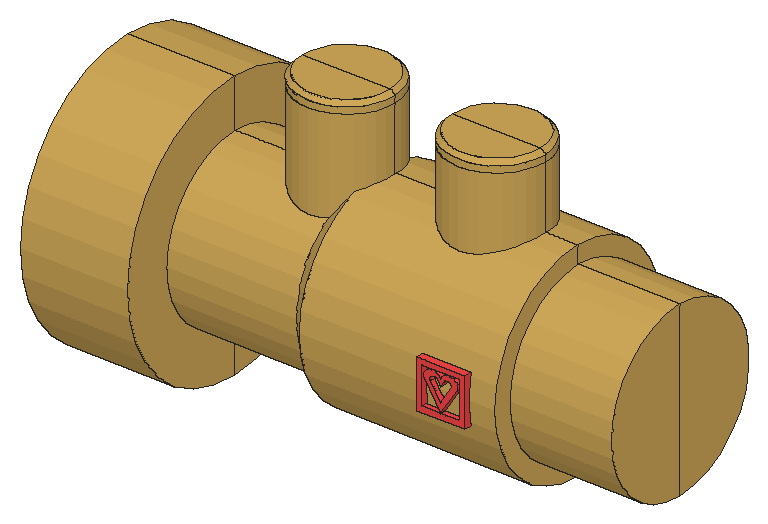
Revit family "HERZ Backflow Preventer 2623", category Rohrzubehör, Revit 2019
Family settings
  Bemaßung runder Anschluss = Durchmesser verwenden
  Teiletyp = Unterbricht
  OmniClass-Nummer = 23.65.55.14
  OmniClass-Titel = Valves for Liquid Services
  Arbeitsebenenbasiert = Nein
  Immer vertikal = Ja
  Beim Laden mit Abzugskörper schneiden = Nein
  Gemeinsam genutzt = Nein
Parameters
  Part number [instance] = size_lookup("2623_", "Artnr", 0, Nennweite)  # 1262304
  Note = "Pursuant to Article 33 of the REACH Regulation (EC No. 1907/2006), we are obliged to point out that the material lead is listed on the SVHC list and that all brass components manufactured in our products exceed 0.1% (w / w) lead (CAS: 7439-92-1 / EINECS: 231-100-4).\r\nSince lead is a component part of an alloy, actual exposure is not possible and therefore no additional information on safe use is necessary."
  Min. operating temperature (water) = 0.5 °C  # constant formula
  Min. operating temperature = -10 °C  # constant formula
  Max. operating temperature = 95 °C  # constant formula
  Max. operating pressure = 1600000.0 Pa  # constant formula
  W01 = 45.00°  # constant formula
  URL = "www.herzvalves.com"
  Plugs = "brass"  # constant formula
  SC_NennweiteBerechnet = 0
  SC_Dimension = ""
  SCTWSEQ = "FW;SBT_TYP_FW=\"108\";2"
  SCTWCODE = "04;14;02"  # constant formula
  S03 = 10.00 mm  # constant formula
  S02 [instance] = L00 / 2  # 44.00 mm
  S01 [instance] = (L00 / 2) + L07 - L06  # 59.00 mm
  Check valve = "POM (body), NBR (O-Ring), stainless steel AISI 302 (spring)"  # constant formula
  R01 = 9.00 mm  # constant formula
  Nennweite [instance] = 32.00 mm
  Medium = "clear liquids"  # constant formula
  LO1 [instance] = if(Nennweite = 20.00 mm, 18.00 mm, if(Nennweite = 25.00 mm, 18.00 mm, if(Nennweite = 32.00 mm, 24.00 mm, 1.00 mm)))  # 24.00 mm
  L07 [instance] = size_lookup("2623_", "L7", 1.00 mm, Nennweite)  # 20.00 mm
  L06 [instance] = size_lookup("2623_", "L6", 1.00 mm, Nennweite)  # 5.00 mm
  L05 [instance] = size_lookup("2623_", "L5", 1.00 mm, Nennweite) + L04  # 53.90 mm
  L04 [instance] = size_lookup("2623_", "L4", 1.00 mm, Nennweite)  # 25.90 mm
  L03 [instance] = size_lookup("2623_", "L3", 1.00 mm, Nennweite)  # 19.00 mm
  L02 [instance] = size_lookup("2623_", "L2", 1.00 mm, Nennweite)  # 32.50 mm
  L01 [instance] = size_lookup("2623_", "L1", 1.00 mm, Nennweite)  # 2.50 mm
  L00 [instance] = size_lookup("2623_", "L", 1.00 mm, Nennweite)  # 88.00 mm
  Female thread = "acc. to ISO 228"  # constant formula
  IG [instance] = Nennweite / 2  # 16.00 mm
  Hersteller = "HERZ Armaturen Ges.m.b.H."  # constant formula
  H02 = 2.00 mm  # constant formula
  H01 [instance] = size_lookup("2623_", "H1", 1.00 mm, Nennweite)  # 31.00 mm
  GT [instance] = size_lookup("2623_", "GT", 1.00 mm, Nennweite)  # 12.00 mm
  End fitting = "forged brass"  # constant formula
  Sealing = "EPDM"  # constant formula
  D04 [instance] = size_lookup("2623_", "D4", 1.00 mm, Nennweite)  # 25.00 mm
  D03 [instance] = size_lookup("2623_", "D3", 1.00 mm, Nennweite)  # 19.30 mm
  D02 [instance] = size_lookup("2623_", "D2", 1.00 mm, Nennweite)  # 16.00 mm
  D01 [instance] = size_lookup("2623_", "D1", 1.00 mm, Nennweite)  # 18.90 mm
  Body = "forged brass according to EN 12420"  # constant formula
  Male thread = "acc. to ISO 228"  # constant formula
  Application = "The check valve is suitable for central heating systems to prevent backflow.\r\nThis product can be used, in general, with different media, but liquids must be clear.\r\nThe valve can be used in any position.\r\nThe flow direction is indicated by an arrow on the body.\r\nThe check valve is spring-loaded by means of an axial guide and can be operated both at low and at high pressures.\r\nTwo bores 1/4“ plugs are fitted for measuring purposes."
  AG [instance] = Nennweite / 2  # 16.00 mm
Reference planes
  plane 1 "Mitte (Vorne/hinten)": y = 0
  plane 2: z = 0
  plane 3 "Mitte (Links/rechts)": x = 0
Forms (mm)
  Revolve 1, solid, material "Messing, weicher Gelbton, geschweißt", detail levels fine
    sketch origin (0, 0, 0) x (1, 0, 0) y (0, 0, 1)
      loop
        line (-44, 0) -> (44, 0) -> (44, 16) -> (25, 16) -> (25, 19.3) -> (-11.5, 19.3) -> (-14.8, 16) -> (-41.5, 16) -> (-41.5, 18.9) -> (-44, 18.9) -> (-44, 0)
      axis (-44, 0) -> (44, 0)
    angle from 0 to 360
  Revolve 2, solid, material "Messing, weicher Gelbton, geschweißt", detail levels fine
    sketch origin (0, 0, 0) x (1, 0, 0) y (0, 0, 1)
      loop
        line (-18.1, 0) -> (-9.1, 0) -> (-9.1, 31) -> (-18.1, 31) -> (-18.1, 0)
      axis (-18.1, 31) -> (-18.1, 0)
    angle from 0 to 360
  Revolve 3, solid, material "Messing, weicher Gelbton, geschweißt", detail levels fine
    sketch origin (0, 0, 0) x (1, 0, 0) y (0, 0, 1)
      loop
        line (9.9, 0) -> (18.9, 0) -> (18.9, 31) -> (9.9, 31) -> (9.9, 0)
      axis (9.9, 31) -> (9.9, 0)
    angle from 0 to 360
  Revolve 4, solid, material "Messing, weicher Gelbton, geschweißt", detail levels fine
    sketch origin (0, 0, 0) x (1, 0, 0) y (0, 0, 1)
      loop
        line (-39, 0) -> (-39, 25) -> (-59, 25) -> (-59, 16) -> (-47, 16) -> (-47, 0) -> (-39, 0)
      axis (-59, 0) -> (-39, 0)
    angle from 0 to 360
  Revolve 5, solid, material "Messing, weicher Gelbton, geschweißt", detail levels fine
    sketch origin (0, 0, 0) x (1, 0, 0) y (0, 0, 1)
      loop
        line (-18.1, 31) -> (-9.1, 31) -> (-9.1, 32.2) -> (-9.9, 33) -> (-18.1, 33) -> (-18.1, 31)
      axis (-18.1, 33) -> (-18.1, 31)
    angle from 0 to 360
  Revolve 6, solid, material "Messing, weicher Gelbton, geschweißt", detail levels fine
    sketch origin (0, 0, 0) x (1, 0, 0) y (0, 0, 1)
      loop
        line (9.9, 31) -> (18.9, 31) -> (18.9, 32.2) -> (18.1, 33) -> (9.9, 33) -> (9.9, 31)
      axis (9.9, 31) -> (9.9, 33)
    angle from 0 to 360
Lines and regions (mm)
  model lines, detail levels coarse+medium
    curve 1: line (-59, 0, 25) -> (-59, 0, -25)
    curve 2: line (-59, 0, 25) -> (44, 0, -25)
    curve 3: line (44, 0, -25) -> (44, 0, 25)
    curve 4: circle (-59, 0, 25) r 10 normal (0, -1, 0)
    curve 5: line (-59, -25, 0) -> (-59, 25, 0)
    curve 6: line (-59, 25, 0) -> (44, -25, 0)
    curve 7: line (44, -25, 0) -> (44, 25, 0)
    curve 8: circle (-59, 25, 0) r 10 normal (0, 0, 1)
Dimensions and locks
  equal spacing: Revolve 1 sketch curve, plane 3 "Mitte (Links/rechts)", Revolve 1 sketch curve
  "L00": Revolve 1 sketch curve to Revolve 1 sketch curve
  "AG": Revolve 1 sketch curve to plane 2
  "L01": Revolve 1 sketch curve to Revolve 1 sketch curve
  "L02": Revolve 1 sketch curve to Revolve 1 sketch curve
  "D01": Revolve 1 sketch curve to plane 2
  "D02": Revolve 1 sketch curve to plane 2
  "D03": Revolve 1 sketch curve to plane 2
  "L03": Revolve 1 sketch curve to Revolve 1 sketch curve
  "R01": Revolve 2 sketch curve to Revolve 2 sketch curve
  "H01": Revolve 2 sketch curve to plane 2
  "L04": Revolve 1 to Revolve 2 sketch curve
  "L05": Revolve 1 to Revolve 3 sketch curve
  "R01": Revolve 3 sketch curve to Revolve 3 sketch curve
  "H01": Revolve 3 sketch curve to plane 2
  "D03": nested 1 to plane 1 "Mitte (Vorne/hinten)"
  "LO1": nested 1 to Revolve 1
  "L06": Revolve 1 to Revolve 4 sketch curve
  "L07": Revolve 4 sketch curve to Revolve 4 sketch curve
  "GT": Revolve 4 sketch curve to Revolve 4 sketch curve
  "D04": Revolve 4 sketch curve to plane 2
  "IG": Revolve 4 sketch curve to Revolve 4 sketch curve
  "H01": Revolve 5 sketch curve to plane 2
  "H02": Revolve 5 sketch curve to Revolve 5 sketch curve
  "R01": Revolve 5 sketch curve to Revolve 5 sketch curve
  "L04": Revolve 1 to Revolve 5 sketch curve
  "R01": Revolve 6 sketch curve to Revolve 6 sketch curve
  "H01": Revolve 6 sketch curve to plane 2
  "H02": Revolve 6 sketch curve to Revolve 6 sketch curve
  "L05": Revolve 6 sketch curve to Revolve 1
  "D04": curve 2 to plane 2 to curve 1
  "D04": curve 3 to plane 2 to curve 3
  "S01": curve 1 to plane 3 "Mitte (Links/rechts)"
  "S02": curve 3 to plane 3 "Mitte (Links/rechts)"
  "S01": plane 3 "Mitte (Links/rechts)" to curve 4
  "D04": curve 5 to plane 1 "Mitte (Vorne/hinten)" to curve 6
  "D04": curve 7 to plane 1 "Mitte (Vorne/hinten)" to curve 7
  "S01": curve 5 to plane 3 "Mitte (Links/rechts)"
  "S02": plane 3 "Mitte (Links/rechts)" to curve 7
  "S01": curve 8 to plane 3 "Mitte (Links/rechts)"
  "S03": radius of curve 4
  "S03": radius of curve 8
  "W01": angle Revolve 1 sketch curve to Revolve 1 sketch curve
  "W01": angle Revolve 5 sketch curve to Revolve 5 sketch curve
  "W01": angle Revolve 6 sketch curve to Revolve 6 sketch curve
  aligned and locked: level to plane 2
Automatic sketch dimensions
  curve 4 to curve 1 = 0.00 mm
  curve 8 to curve 5 = 0.00 mm
  Revolve 1 sketch curve to level = 0.00 mm  (x2)
  Revolve 1 sketch curve to Revolve 1 sketch curve = 0.00 mm
  Revolve 1 sketch curve to Revolve 1 sketch curve = 1805.148 mm
  Revolve 2 sketch curve to level = 0.00 mm  (x2)
  Revolve 2 sketch curve to Revolve 2 sketch curve = 0.00 mm  (x2)
  Revolve 3 sketch curve to level = 0.00 mm  (x2)
  Revolve 3 sketch curve to Revolve 3 sketch curve = 0.00 mm  (x2)
  Revolve 4 sketch curve to level = 0.00 mm  (x2)
  Revolve 4 sketch curve to Revolve 4 sketch curve = 1461.53 mm
  plane 3 "Mitte (Links/rechts)" to Revolve 4 sketch curve = 1839.148 mm
  Revolve 5 sketch curve to Revolve 5 sketch curve = 0.00 mm  (x3)
  Revolve 5 sketch curve to Revolve 5 sketch curve = 0.80 mm
  Revolve 6 sketch curve to Revolve 6 sketch curve = 0.00 mm  (x3)
  Revolve 6 sketch curve to Revolve 6 sketch curve = 0.80 mm
Nested families
  nested 1: "Herz-Logo-vorne" at (15.5, -19.3, 0) x (0, 1, 0) z (0, 0, 1), type "Herz-Logo-vorne", detail levels fine
Connectors
  piping at (44, 0, 0), diameter 32, driven by "Nennweite"
    settings: on Revolve 1, index 2, connector inside diameter 609.6 mm, connector length 0.00 mm, flow factor 0, pipe flow 0.0 L/s, pressure drop 0.0 Pa, fitting loss kfactor 0, connector angle 0.00°, fixture units 0, engagement length 0.00 mm, angle of deflection 0.00°, flow configuration 0, flow direction 2, fitting loss method 0, system type 29, joint type 0, gender type 0, connector reference index -1, connector utility 0, adjustable connector no, is connector primary yes, connector description ""
  piping at (-47, 0, 0), diameter 32, driven by "Nennweite"
    settings: on Revolve 4, index 3, connector inside diameter 609.6 mm, connector length 0.00 mm, flow factor 0, pipe flow 0.0 L/s, pressure drop 0.0 Pa, fitting loss kfactor 0, connector angle 0.00°, fixture units 0, engagement length 0.00 mm, angle of deflection 0.00°, flow configuration 0, flow direction 1, fitting loss method 0, system type 29, joint type 0, gender type 0, connector reference index -1, connector utility 0, adjustable connector no, is connector primary no, connector description ""
Definition of nested family "Herz-Logo-vorne"
  Reference planes
    plane 1 "Mitte (Vorne/hinten)": y = 0
    plane 2: z = 0
    plane 3 "Mitte (Links/rechts)": x = 0
  Forms (mm)
    Extrusion 1, solid
      sketch origin (0.732, -0.018, 0.017) x (0, -1, 0) y (0, 0, 1)
        loop
          line (-0.018, -4.517) -> (4.482, -4.517) -> (4.482, 4.483) -> (-4.518, 4.483) -> (-4.518, -4.517) -> (-0.018, -4.517)
        loop
          line (-0.05, -3.48) -> (3.482, -3.48) -> (3.482, 3.483) -> (-3.518, 3.483) -> (-3.518, -3.48) -> (-0.05, -3.48)
        loop
          arc (-0.018, 2.383) -> (-1.543, 3.287) -> (-3.067, 2.383) r 1.738
          arc (-3.067, 2.383) -> (-3.191, 1.899) -> (-3.067, 1.415) r 1.009
          line (-3.067, 1.415) -> (-0.018, -3.281) -> (3.032, 1.415)
          arc (3.032, 1.415) -> (3.156, 1.899) -> (3.032, 2.383) r 1.009
          arc (3.032, 2.383) -> (1.507, 3.287) -> (-0.018, 2.383) r 1.738
        loop
          arc (1.885, 1.272) -> (2.005, 1.675) -> (1.885, 2.079) r 0.74
          arc (1.885, 2.079) -> (1.265, 2.416) -> (0.644, 2.079) r 0.74
          line (0.644, 2.079) -> (-0.018, 0.97) -> (-0.679, 2.079)
          arc (-0.679, 2.079) -> (-1.3, 2.416) -> (-1.921, 2.079) r 0.74
          arc (-1.921, 2.079) -> (-2.04, 1.675) -> (-1.921, 1.272) r 0.74
          line (-1.921, 1.272) -> (-0.018, -1.658) -> (1.885, 1.272)
      from 0 to 1.5
  Dimensions and locks
    aligned and locked: level to plane 2
